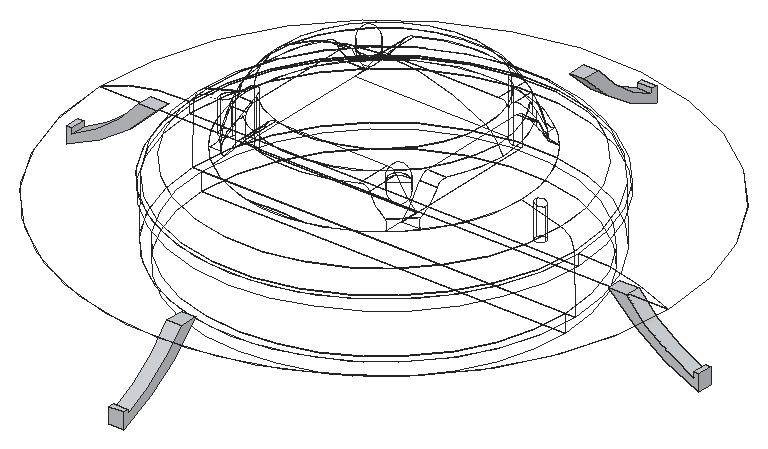
Revit family "Maxlogic Detectors with Recessed Mounting Base", category Fire Alarm Devices, host Face, Revit 2022
Family settings
  Host = Face
  Round Connector Dimension = Use Diameter
  Part Type = Normal
  OmniClass Number = 23.85.30.21
  OmniClass Title = Environmental Detection/Registration
  Cut with Voids When Loaded = No
  Maintain Annotation Orientation = Yes
  Shared = No
  Room Calculation Point = No
Parameters (values of type "Maxlogic Intelligent Addressable Photo-Electric Smoke Detector, Short Circuit Isolator with Recessed Mounting Base")
  Weight = "100 gr"
  Weatherproof surface mounting back box = "ML-0121"
  Warranty Duration Unit = "Year"
  Warranty Duration Parts = "2"
  Warranty Duration Labor = "2"
  Version = ""
  URL = "https://www.mavili.com.tr/en"
  Recessed mounting base = "ML-0150"
  Public Works Pose Number = "833-501"
  Protection Sign = ""
  Product Code = "ML-1110.SCI"
  Phone Number = "(+)90 216 466 45 05"
  Operatonal Voltage (default) = "26 V/DC"
  Operating voltage range = "18-33V/DC"
  Operating temperature = "(-10°C) - (+50°C)"
  Nominal Depth = "51 mm"
  Nominal Width = "106 mm"
  Nominal Height = "106 mm"
  Multisensor Circle = no
  Mounting surface = "Ceiling mount"
  Mounting height = ""
  Model = "Maxlogic"
  Manufacturer = "Mavili Elektronik Ticaret A.Ş."
  Heat Circle = no
  Installation Manual = "https://mavilielektronik.com/Revit/ML11XX_kk.pdf"
  Indicator output = "MG-4000.A"
  Fax Number = "(+)90 216 466 45 10"
  External supply = ""
  Email = "mavili@mavili.com.tr"
  Disclaimer = ""
  Device Adress Setup = "The address is given to devices by addressable programmer"
  Detectıon radıus = "6,2 m"
  Description = "Addressable Photo-Electric Smoke Detector, Short Circuit Isolator with Recessed Mounting Base"
  Default Elevation = 0 mm
  Current consumption = ""
  Cost unıt = ""
  Cost = 0
  Compatible sockets 2 = "ML-0141"
  Compatible sockets = "ML-0140"
  Color = "White"
  Code Performance = "EN 54-7 / EN 54-17"
  Main Material = "White Plastic PC/ABS"
  Secondary Material = "Plastic"
  Address line 1 = "Şerifali Mahallesi Kutup Sokak No:27/1-2-4 Ümraniye TR-34775 İSTANBUL"
Types (11, lengths in mm): name | Weight | Public Works Pose Number | Product Code | Operating voltage range | Multisensor Circle | Heat Circle | Installation Manual | Indicator output | Device Adress Setup | Detectıon radıus | Description | Code Performance
  (no name) | "100 gr" | "833-501" | "ML-1110.SCI" | "18-33V/DC" | no | no | "https://mavilielektronik.com/Revit/ML11XX_kk.pdf" | "MG-4000.A" | "The address is given to devices by addressable programmer" | "6,2 m" | "Addressable Photo-Electric Smoke Detector, Short Circuit Isolator with Recessed Mounting Base" | "EN 54-7 / EN 54-17"
  Maxlogic Conventional Optical smoke dedector with Recessed Mounting Base | "140 gr" | "832-106" | "ML-2110" | "10-30V/DC" | no | no | "https://mavilielektronik.com/Revit/ML21XX_kk.pdf" | "MG-4000" | "" | "6,2 m" | "Conventional Optical smoke dedector with Recessed Mounting Base" | "EN 54-7"
  Maxlogic Intelligent Addressable Photo-Electric Smoke Detector with Recessed Mounting Base | "100 gr" | "833-500" | "ML-1110" | "18-33V/DC" | no | no | "https://mavilielektronik.com/Revit/ML11XX_kk.pdf" | "MG-4000.A" | "The address is given to devices by addressable programmer" | "6,2 m" | "Intelligent Addressable Photo-Electric Smoke Detector with Recessed Mounting Base" | "EN 54-7"
  Maxlogic Intelligent Addressable Photo-Electric Smoke Detector, Short Circuit Isolator with Recessed Mounting Base | "100 gr" | "833-501" | "ML-1110.SCI" | "18-33V/DC" | no | no | "https://mavilielektronik.com/Revit/ML11XX_kk.pdf" | "MG-4000.A" | "The address is given to devices by addressable programmer" | "6,2 m" | "Addressable Photo-Electric Smoke Detector, Short Circuit Isolator with Recessed Mounting Base" | "EN 54-7 / EN 54-17"
  Maxlogic Conventional Fixed heat detector with Recessed Mounting Base | "135 gr" | "832-102" | "ML-2120" | "10-30V/DC" | no | yes | "https://mavilielektronik.com/Revit/ML21XX_kk.pdf" | "MG-4000" | "" | "4,5 m" | "Conventional Fixed heat detector with Recessed Mounting Base" | "EN 54-5"
  Maxlogic Conventional Rate of rise heat detector with Recessed Mounting Base | "135 gr" | "832-103" | "ML-2130" | "10-30V/DC" | no | yes | "https://mavilielektronik.com/Revit/ML21XX_kk.pdf" | "MG-4000" | "" | "4,5 m" | "Conventional Rate of rise heat detector with Recessed Mounting Base" | "EN 54-5"
  Maxlogic Intelligent Addressable Heat Detector with Recessed Mounting Base | "95 gr" | "833-520" | "ML-1130" | "18-33V/DC" | no | yes | "https://mavilielektronik.com/Revit/ML11XX_kk.pdf" | "MG-4000.A" | "The address is given to devices by addressable programmer" | "4,5 m" | "Intelligent Addressable Heat Detector with Recessed Mounting Base" | "EN 54-5"
  Maxlogic Intelligent Addressable Heat Detector, Short Circuit Isolator with Recessed Mounting Base | "95 gr" | "833-521" | "ML-1130.SCI" | "18-33V/DC" | no | yes | "https://mavilielektronik.com/Revit/ML11XX_kk.pdf" | "MG-4000.A" | "The address is given to devices by addressable programmer" | "4,5 m" | "Intelligent Addressable Heat Detector, Short Circuit Isolator with Recessed Mounting Base" | "EN 54-5 / EN 54-17"
  Maxlogic Conventional Multi-Sensor detector with Recessed Mounting Base | "141 gr" | "832-109" | "ML-2140" | "10-30V/DC" | yes | yes | "https://mavilielektronik.com/Revit/ML21XX_kk.pdf" | "MG-4000" | "" | "4,5 m" | "Conventional Multi-Sensor detector with Recessed Mounting Base" | "EN 54-5 / EN 54-7"
  Maxlogic Intelligent Addressable Multisensor Detector (Photo-Electric Smoke+Heat ) with Recessed Mounting Base | "100 gr" | "833-530" | "ML-1140" | "18-33V/DC" | yes | yes | "https://mavilielektronik.com/Revit/ML11XX_kk.pdf" | "MG-4000.A" | "The address is given to devices by addressable programmer" | "4,5 m" | "Intelligent Addressable Multisensor Detector (Photo-Electric Smoke+Heat ) with Recessed Mounting Base" | "EN 54-5 / EN 54-7 / EN 54-17"
  Maxlogic Intelligent Addressable Multisensor Detector (Photo-Electric Smoke+Heat ), Short Circuit Isolator with Recessed Mounting Base | "100 gr" | "833-531" | "ML-1140.SCI" | "18-33V/DC" | yes | yes | "https://mavilielektronik.com/Revit/ML11XX_kk.pdf" | "MG-4000.A" | "The address is given to devices by addressable programmer" | "4,5 m" | "Intelligent Addressable Multisensor Detector (Photo-Electric Smoke+Heat ), Short Circuit Isolator with Recessed Mounting Base" | "EN 54-5 / EN 54-7 / EN 54-17"
Reference planes
  plane 1 "Center (Front/Back)": y = 0
  plane 2: z = 0
  plane 3 "Center (Left/Right)": x = 0
Forms (mm)
  Revolve 1, solid, material "Mavili beyaz"
    sketch origin (0, 0, -16) x (1, 0, 0) y (0, 0, 1)
      loop
        line (-52.919, 5) -> (0, 5) -> (0, 51.518)
        arc (0, 51.518) -> (-14.553, 49.716) -> (-28.057, 44) r 53.06
        arc (-28.057, 44) -> (-30.023, 42.467) -> (-31.557, 40.5) r 10.149
        arc (-31.557, 40.5) -> (-33.994, 35.835) -> (-35.524, 30.799) r 28.268
        arc (-35.524, 30.799) -> (-36.595, 29.67) -> (-38, 29) r 4.27
        line (-38, 29) -> (-48.929, 26.072)
        arc (-48.929, 26.072) -> (-51.575, 24.32) -> (-52.634, 21.329) r 5
        line (-52.634, 21.329) -> (-52.919, 5)
      axis (0, 5) -> (0, 51.518)
    angle from 0 to 360
  Revolve 2, solid, material "Mavili beyaz"
    sketch origin (-150, 0, -16) x (1, 0, 0) y (0, 0, 1)
      loop
        line (99.626, 5) -> (99.626, 0) -> (149.926, 0) -> (149.926, 5) -> (99.626, 5)
      axis (149.926, 0) -> (149.926, 5)
    angle from 0 to 360
  Extrusion 3, void
    sketch origin (-0.604, 5.6, -16) x (0, -1, 0) y (0, 0, 1)
      loop
        spline (-12.932, 36.606) -> (-13.32, 35.909) -> (-13.72, 35.223) -> (-14.132, 34.547) -> (-14.556, 33.882) -> (-14.992, 33.229) -> (-15.439, 32.588) -> (-15.897, 31.958) -> (-16.366, 31.341) -> (-16.847, 30.737) -> (-17.338, 30.145) -> (-17.839, 29.566) -> (-18.351, 29)
        line (-18.351, 29) -> (29.551, 29)
        spline (29.551, 29) -> (28.951, 29.556) -> (28.363, 30.124) -> (27.786, 30.704) -> (27.219, 31.297) -> (26.664, 31.901) -> (26.121, 32.516) -> (25.589, 33.143) -> (25.07, 33.781) -> (24.562, 34.43) -> (24.067, 35.09) -> (23.585, 35.759) -> (23.115, 36.439)
        spline (23.115, 36.439) -> (22.965, 36.668) -> (22.796, 36.886) -> (22.611, 37.091) -> (22.411, 37.28) -> (22.199, 37.451) -> (21.978, 37.602) -> (21.751, 37.73) -> (21.521, 37.835) -> (21.289, 37.914) -> (21.06, 37.967) -> (20.837, 37.993) -> (20.618, 38)
        line (20.618, 38) -> (-10.439, 37.994)
        spline (-10.439, 37.994) -> (-10.678, 37.983) -> (-10.918, 37.951) -> (-11.159, 37.897) -> (-11.397, 37.822) -> (-11.63, 37.727) -> (-11.856, 37.613) -> (-12.072, 37.481) -> (-12.276, 37.332) -> (-12.466, 37.169) -> (-12.64, 36.992) -> (-12.796, 36.804) -> (-12.932, 36.606)
    from 23.347 to 38.235
  Extrusion 4, void
    sketch origin (5.6, -13.629, -16) x (-1, 0, 0) y (0, 0, -1)
      loop
        spline (-12.932, -36.606) -> (-12.796, -36.804) -> (-12.64, -36.992) -> (-12.466, -37.169) -> (-12.276, -37.332) -> (-12.072, -37.481) -> (-11.856, -37.613) -> (-11.63, -37.727) -> (-11.397, -37.822) -> (-11.159, -37.897) -> (-10.918, -37.951) -> (-10.678, -37.983) -> (-10.439, -37.994)
        line (-10.439, -37.994) -> (20.618, -38)
        spline (20.618, -38) -> (20.837, -37.993) -> (21.06, -37.967) -> (21.289, -37.914) -> (21.521, -37.835) -> (21.751, -37.73) -> (21.978, -37.602) -> (22.199, -37.451) -> (22.411, -37.28) -> (22.611, -37.091) -> (22.796, -36.886) -> (22.965, -36.668) -> (23.115, -36.439)
        spline (23.115, -36.439) -> (23.585, -35.759) -> (24.067, -35.09) -> (24.562, -34.43) -> (25.07, -33.781) -> (25.589, -33.143) -> (26.121, -32.516) -> (26.664, -31.901) -> (27.219, -31.297) -> (27.786, -30.704) -> (28.363, -30.124) -> (28.951, -29.556) -> (29.551, -29)
        line (29.551, -29) -> (-18.351, -29)
        spline (-18.351, -29) -> (-17.839, -29.566) -> (-17.338, -30.145) -> (-16.847, -30.737) -> (-16.366, -31.341) -> (-15.897, -31.958) -> (-15.439, -32.588) -> (-14.992, -33.229) -> (-14.556, -33.882) -> (-14.132, -34.547) -> (-13.72, -35.223) -> (-13.32, -35.909) -> (-12.932, -36.606)
    from 5.109 to 23.424
  Extrusion 5, void
    sketch origin (5.6, 59.203, -16) x (-1, 0, 0) y (0, 0, 1)
      loop
        spline (-12.932, 36.606) -> (-13.32, 35.909) -> (-13.72, 35.223) -> (-14.132, 34.547) -> (-14.556, 33.882) -> (-14.992, 33.229) -> (-15.439, 32.588) -> (-15.897, 31.958) -> (-16.366, 31.341) -> (-16.847, 30.737) -> (-17.338, 30.145) -> (-17.839, 29.566) -> (-18.351, 29)
        line (-18.351, 29) -> (29.551, 29)
        spline (29.551, 29) -> (28.951, 29.556) -> (28.363, 30.124) -> (27.786, 30.704) -> (27.219, 31.297) -> (26.664, 31.901) -> (26.121, 32.516) -> (25.589, 33.143) -> (25.07, 33.781) -> (24.562, 34.43) -> (24.067, 35.09) -> (23.585, 35.759) -> (23.115, 36.439)
        spline (23.115, 36.439) -> (22.965, 36.668) -> (22.796, 36.886) -> (22.611, 37.091) -> (22.411, 37.28) -> (22.199, 37.451) -> (21.978, 37.602) -> (21.751, 37.73) -> (21.521, 37.835) -> (21.289, 37.914) -> (21.06, 37.967) -> (20.837, 37.993) -> (20.618, 38)
        line (20.618, 38) -> (-10.439, 37.994)
        spline (-10.439, 37.994) -> (-10.678, 37.983) -> (-10.918, 37.951) -> (-11.159, 37.897) -> (-11.397, 37.822) -> (-11.63, 37.727) -> (-11.856, 37.613) -> (-12.072, 37.481) -> (-12.276, 37.332) -> (-12.466, 37.169) -> (-12.64, 36.992) -> (-12.796, 36.804) -> (-12.932, 36.606)
    from -39.5 to -20.535
  Extrusion 6, void
    sketch origin (39.396, 5.6, -16) x (0, -1, 0) y (0, 0, 1)
      loop
        spline (-12.932, 36.606) -> (-13.32, 35.909) -> (-13.72, 35.223) -> (-14.132, 34.547) -> (-14.556, 33.882) -> (-14.992, 33.229) -> (-15.439, 32.588) -> (-15.897, 31.958) -> (-16.366, 31.341) -> (-16.847, 30.737) -> (-17.338, 30.145) -> (-17.839, 29.566) -> (-18.351, 29)
        line (-18.351, 29) -> (29.551, 29)
        spline (29.551, 29) -> (28.951, 29.556) -> (28.363, 30.124) -> (27.786, 30.704) -> (27.219, 31.297) -> (26.664, 31.901) -> (26.121, 32.516) -> (25.589, 33.143) -> (25.07, 33.781) -> (24.562, 34.43) -> (24.067, 35.09) -> (23.585, 35.759) -> (23.115, 36.439)
        spline (23.115, 36.439) -> (22.965, 36.668) -> (22.796, 36.886) -> (22.611, 37.091) -> (22.411, 37.28) -> (22.199, 37.451) -> (21.978, 37.602) -> (21.751, 37.73) -> (21.521, 37.835) -> (21.289, 37.914) -> (21.06, 37.967) -> (20.837, 37.993) -> (20.618, 38)
        line (20.618, 38) -> (-10.439, 37.994)
        spline (-10.439, 37.994) -> (-10.678, 37.983) -> (-10.918, 37.951) -> (-11.159, 37.897) -> (-11.397, 37.822) -> (-11.63, 37.727) -> (-11.856, 37.613) -> (-12.072, 37.481) -> (-12.276, 37.332) -> (-12.466, 37.169) -> (-12.64, 36.992) -> (-12.796, 36.804) -> (-12.932, 36.606)
    from 0.766 to 15.446
  Extrusion 7, void
    sketch origin (1.322, 1.416, -12) x (0.087156, -0.996195, 0) y (-0.996195, -0.087156, 0)
      loop
        spline (16.87, 24.595) -> (16.963, 24.272) -> (17.107, 23.921) -> (17.305, 23.553) -> (17.56, 23.185) -> (17.87, 22.83) -> (18.224, 22.508) -> (18.612, 22.228) -> (19.022, 21.999) -> (19.436, 21.825) -> (19.839, 21.707) -> (20.213, 21.639) -> (20.55, 21.615)
        arc (20.55, 21.615) -> (22.96, 22.422) -> (24.65, 24.318) r 4.946
        spline (24.65, 24.318) -> (24.838, 24.591) -> (24.975, 24.904) -> (25.062, 25.252) -> (25.095, 25.63) -> (25.076, 26.032) -> (25.004, 26.452) -> (24.88, 26.884) -> (24.706, 27.321) -> (24.484, 27.757) -> (24.219, 28.185) -> (23.914, 28.599) -> (23.573, 28.992)
        spline (23.573, 28.992) -> (23.149, 29.264) -> (22.709, 29.497) -> (22.26, 29.69) -> (21.807, 29.839) -> (21.358, 29.942) -> (20.919, 29.998) -> (20.495, 30.005) -> (20.094, 29.964) -> (19.72, 29.875) -> (19.379, 29.74) -> (19.075, 29.561) -> (18.814, 29.339)
        arc (18.814, 29.339) -> (17.158, 27.248) -> (16.87, 24.595) r 4.815
    from -45.772 to -25
  Extrusion 8, void
    sketch origin (-1.322, -1.416, -12) x (-0.087156, 0.996195, 0) y (0.996195, 0.087156, 0)
      loop
        spline (16.87, 24.595) -> (16.963, 24.272) -> (17.107, 23.921) -> (17.305, 23.553) -> (17.56, 23.185) -> (17.87, 22.83) -> (18.224, 22.508) -> (18.612, 22.228) -> (19.022, 21.999) -> (19.436, 21.825) -> (19.839, 21.707) -> (20.213, 21.639) -> (20.55, 21.615)
        arc (20.55, 21.615) -> (22.96, 22.422) -> (24.65, 24.318) r 4.946
        spline (24.65, 24.318) -> (24.838, 24.591) -> (24.975, 24.904) -> (25.062, 25.252) -> (25.095, 25.63) -> (25.076, 26.032) -> (25.004, 26.452) -> (24.88, 26.884) -> (24.706, 27.321) -> (24.484, 27.757) -> (24.219, 28.185) -> (23.914, 28.599) -> (23.573, 28.992)
        spline (23.573, 28.992) -> (23.149, 29.264) -> (22.709, 29.497) -> (22.26, 29.69) -> (21.807, 29.839) -> (21.358, 29.942) -> (20.919, 29.998) -> (20.495, 30.005) -> (20.094, 29.964) -> (19.72, 29.875) -> (19.379, 29.74) -> (19.075, 29.561) -> (18.814, 29.339)
        arc (18.814, 29.339) -> (17.158, 27.248) -> (16.87, 24.595) r 4.815
    from -45.772 to -25
  Revolve 9, solid, material "Glass"
    sketch origin (0.301, -0.834, 20.83) x (0.996195, 0.087156, 0) y (-0.087156, 0.996195, 0)
      loop
        spline (-18.665, 27.53) -> (-19.251, 27.95) -> (-19.899, 28.27) -> (-20.595, 28.463) -> (-21.318, 28.496) -> (-22.023, 28.338) -> (-22.649, 27.979) -> (-23.134, 27.443) -> (-23.439, 26.785) -> (-23.559, 26.071) -> (-23.516, 25.347) -> (-23.339, 24.648) -> (-23.047, 23.981)
        spline (-23.047, 23.981) -> (-22.978, 23.855) -> (-22.905, 23.731) -> (-22.829, 23.609) -> (-22.75, 23.49) -> (-22.667, 23.372) -> (-22.58, 23.258) -> (-22.491, 23.145) -> (-22.398, 23.036) -> (-22.303, 22.929) -> (-22.204, 22.824) -> (-22.103, 22.722) -> (-21.998, 22.624)
        line (-21.998, 22.624) -> (-17.511, 26.168)
        spline (-17.511, 26.168) -> (-17.589, 26.296) -> (-17.67, 26.421) -> (-17.755, 26.544) -> (-17.843, 26.665) -> (-17.935, 26.783) -> (-18.03, 26.898) -> (-18.128, 27.01) -> (-18.229, 27.12) -> (-18.334, 27.227) -> (-18.441, 27.331) -> (-18.552, 27.432) -> (-18.665, 27.53)
      axis (-21.998, 22.624) -> (-17.511, 26.168)
    angle from 172.048 to -180
  Revolve 10, solid, material "Glass"
    sketch origin (-0.301, 0.834, 20.83) x (-0.996195, -0.087156, 0) y (0.087156, -0.996195, 0)
      loop
        spline (-18.665, 27.53) -> (-19.251, 27.95) -> (-19.899, 28.27) -> (-20.595, 28.463) -> (-21.318, 28.496) -> (-22.023, 28.338) -> (-22.649, 27.979) -> (-23.134, 27.443) -> (-23.439, 26.785) -> (-23.559, 26.071) -> (-23.516, 25.347) -> (-23.339, 24.648) -> (-23.047, 23.981)
        spline (-23.047, 23.981) -> (-22.978, 23.855) -> (-22.905, 23.731) -> (-22.829, 23.609) -> (-22.75, 23.49) -> (-22.667, 23.372) -> (-22.58, 23.258) -> (-22.491, 23.145) -> (-22.398, 23.036) -> (-22.303, 22.929) -> (-22.204, 22.824) -> (-22.103, 22.722) -> (-21.998, 22.624)
        line (-21.998, 22.624) -> (-17.511, 26.168)
        spline (-17.511, 26.168) -> (-17.589, 26.296) -> (-17.67, 26.421) -> (-17.755, 26.544) -> (-17.843, 26.665) -> (-17.935, 26.783) -> (-18.03, 26.898) -> (-18.128, 27.01) -> (-18.229, 27.12) -> (-18.334, 27.227) -> (-18.441, 27.331) -> (-18.552, 27.432) -> (-18.665, 27.53)
      axis (-21.998, 22.624) -> (-17.511, 26.168)
    angle from 172.048 to -180
  Sweep 11, solid, material "Mavili siyah.1", visible <- "Heat Circle"
    path origin (0, 0, 33.5) x (0, 1, 0) y (-1, 0, 0)
      loop
        arc (14.84, 0.029) -> (10.47, 10.578) -> (-0.079, 14.948) r 14.919
        arc (-0.079, 14.948) -> (-10.638, 10.574) -> (-15.012, 0.015) r 14.932
        arc (-15.012, 0.015) -> (-10.638, -10.543) -> (-0.079, -14.917) r 14.932
        arc (-0.079, -14.917) -> (10.479, -10.538) -> (14.84, 0.029) r 14.919
    profile origin (10.538, 10.479, 33.5) x (0.706483, 0.70773, 0) y (0, 0, 1)
      loop
        circle (0, 0) r 0.5
  Sweep 12, solid, material "Mavili siyah.1", visible <- "Multisensor Circle"
    path origin (0, 0, 32.025) x (0, 1, 0) y (-1, 0, 0)
      loop
        arc (19.793, 0.005) -> (13.97, 14.063) -> (-0.088, 19.886) r 19.881
        arc (-0.088, 19.886) -> (-14.145, 14.063) -> (-19.968, 0.006) r 19.88
        arc (-19.968, 0.006) -> (-14.143, -14.057) -> (-0.079, -19.882) r 19.889
        arc (-0.079, -19.882) -> (13.978, -14.057) -> (19.793, 0.005) r 19.872
    profile origin (14.057, 13.978, 32.025) x (0.706832, 0.707382, 0) y (0, 0, 1)
      loop
        circle (0, 0) r 0.5
  Extrusion 13, void
    sketch origin (0, 0, 13) x (0, 1, 0) y (-1, 0, 0)
      loop
        circle (-2.981, 41.129) r 2
      loop
        circle (2.823, -41.129) r 1.5
    from 0 to -10
  Revolve 14, solid, material "Mavili beyaz"
    sketch origin (-14.86, -0.002, -23) x (0, 0, 1) y (-1, 0, 0)
      loop
        line (23, -14.86) -> (23, -93.56)
        arc (23, -93.56) -> (27.173, -81.372) -> (28.19, -68.53) r 51.479
        line (28.19, -68.53) -> (25.036, -68.53) -> (25.036, -14.86) -> (23, -14.86)
      axis (28.19, -14.86) -> (23, -14.86)
    angle from 0 to -360
  Extrusion 15, solid
    sketch origin (-1854.86, -0.002, -23) x (0, 0, 1) y (-1, 0, 0)
      loop
        line (23, -1922.328) -> (23, -1917.328)
        arc (23, -1917.328) -> (12.989, -1928.762) -> (6.137, -1942.328) r 60.593
        line (6.137, -1942.328) -> (10.433, -1942.328) -> (10.433, -1940.845) -> (9.063, -1940.845)
        arc (9.063, -1940.845) -> (14.882, -1930.721) -> (23, -1922.328) r 47.361
      loop
        arc (23, -1787.393) -> (14.882, -1779) -> (9.063, -1768.876) r 47.361
        line (9.063, -1768.876) -> (10.433, -1768.876) -> (10.433, -1767.393) -> (6.137, -1767.393)
        arc (6.137, -1767.393) -> (12.989, -1780.959) -> (23, -1792.393) r 60.593
        line (23, -1792.393) -> (23, -1787.393)
    from 0.489 to -3.501
  Extrusion 16, solid
    sketch origin (1.506, -1850.718, -22) x (0, 0, 1) y (0, -1, 0)
      loop
        line (23, -1922.328) -> (23, -1917.328)
        arc (23, -1917.328) -> (12.989, -1928.762) -> (6.137, -1942.328) r 60.593
        line (6.137, -1942.328) -> (10.433, -1942.328) -> (10.433, -1940.845) -> (9.063, -1940.845)
        arc (9.063, -1940.845) -> (14.882, -1930.721) -> (23, -1922.328) r 47.361
      loop
        arc (23, -1778.126) -> (14.882, -1769.733) -> (9.063, -1759.609) r 47.361
        line (9.063, -1759.609) -> (10.433, -1759.609) -> (10.433, -1758.126) -> (6.137, -1758.126)
        arc (6.137, -1758.126) -> (12.989, -1771.692) -> (23, -1783.126) r 60.593
        line (23, -1783.126) -> (23, -1778.126)
    from 0.489 to -3.501
Cuts and joins
  Extrusion 3, Extrusion 4, Extrusion 5, Extrusion 6, Extrusion 7, Extrusion 8, Extrusion 13 cuts Revolve 1
Dimensions and locks
  radius of Sweep 11 sketch curve = 0.5 mm
  aligned and locked: plane 2 to host face
  aligned and locked: level to host face
